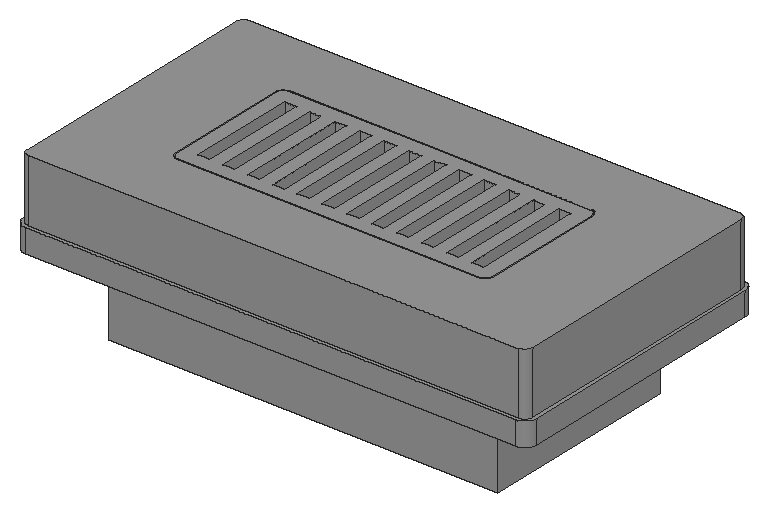
Revit family "ZUMBADOR", category Electrical Fixtures, Revit 2023
Family settings
  Round Connector Dimension = Use Diameter
  Part Type = Normal
  Work Plane-Based = Yes
  Always vertical = No
  Cut with Voids When Loaded = No
  Maintain Annotation Orientation = Yes
  Shared = Yes
  Room Calculation Point = No
Parameters
  SEP RANURAS = 1.6 mm
  SEP BORDE = 2 mm
  RADIO_3 = 1.5 mm
  RADIO_2 = 1.1 mm
  RADIO_1 = 1 mm
  PROFUNDIDAD RANURA = 2 mm
  OFFSET = 0.1 mm
  MATERIAL_2 [instance] = TERMOPOLIMERO NEGRO
  MATERIAL_1 [instance] = TERMOPOLIMERO BLANCO
  LONGITUD = 65 mm
  LARGO ZUMBADOR = 40.8 mm
  LARGO CONECTOR = 50 mm
  LARGO BASE = 66 mm
  INCLUIR EN LISTADO = no
  ESPESOR CONECTOR = 10 mm
  ESPESOR BASE = 3 mm
  ESPESOR = 8 mm
  Default Elevation = 1219.2 mm
  ANCHO ZUMBADOR = 18 mm
  ANCHO RANURA = 1.6 mm
  ANCHO CONECTOR = 26 mm
  ANCHO BASE = 36.5 mm
  ANCHO = 35.5 mm
Reference planes
  plane 1 "Center (Front/Back)": y = 0
  plane 2: z = 0
  plane 3 "Center (Left/Right)": x = 0
  plane 4: x = -32.5
  plane 5: x = 32.5
  plane 6: y = -17.75
  plane 7: y = 17.75
  plane 8: x = -33
  plane 9: x = 33
  plane 10: y = 18.25
  plane 11: y = -18.25
  plane 12: y = 13
  plane 13: y = -13
  plane 14 "PLANO 1": z = -3
  plane 15: x = -25
  plane 16: x = 25
  plane 17 "PLANO 3": z = -13
  plane 18 "PLANO 4": z = 8
  plane 19: y = 7
  plane 20: y = -7
  plane 21: x = -18.4
  plane 22: x = -16.8
  plane 23: z = 6
  plane 24: y = 9
  plane 25: y = -9
  plane 26: x = 20.4
  plane 27: x = -20.4
  plane 28: x = 18.4
Forms (mm)
  Extrusion 1, solid, material "TERMOPOLIMERO BLANCO" <- "MATERIAL_1"
    sketch origin (0, 0, 0) x (1, 0, 0) y (0, 1, 0)
      loop
        arc (-31.5, 18.25) -> (-32.561, 17.811) -> (-33, 16.75) r 1.5
        line (-33, 16.75) -> (-33, -16.75)
        arc (-33, -16.75) -> (-32.561, -17.811) -> (-31.5, -18.25) r 1.5
        line (-31.5, -18.25) -> (31.5, -18.25)
        arc (31.5, -18.25) -> (32.561, -17.811) -> (33, -16.75) r 1.5
        line (33, -16.75) -> (33, 16.75)
        arc (33, 16.75) -> (32.561, 17.811) -> (31.5, 18.25) r 1.5
        line (31.5, 18.25) -> (-31.5, 18.25)
    from 0 to -3
  Extrusion 2, solid, material "TERMOPOLIMERO BLANCO" <- "MATERIAL_1"
    sketch origin (0, 0, 0) x (1, 0, 0) y (0, 1, 0)
      loop
        arc (-31.5, 17.75) -> (-32.207, 17.457) -> (-32.5, 16.75) r 1
        line (-32.5, 16.75) -> (-32.5, -16.75)
        arc (-32.5, -16.75) -> (-32.207, -17.457) -> (-31.5, -17.75) r 1
        line (-31.5, -17.75) -> (31.5, -17.75)
        arc (31.5, -17.75) -> (32.207, -17.457) -> (32.5, -16.75) r 1
        line (32.5, -16.75) -> (32.5, 16.75)
        arc (32.5, 16.75) -> (32.207, 17.457) -> (31.5, 17.75) r 1
        line (31.5, 17.75) -> (-31.5, 17.75)
      loop
        arc (-19.4, 9) -> (-20.107, 8.707) -> (-20.4, 8) r 1
        line (-20.4, 8) -> (-20.4, -8)
        arc (-20.4, -8) -> (-20.107, -8.707) -> (-19.4, -9) r 1
        line (-19.4, -9) -> (19.4, -9)
        arc (19.4, -9) -> (20.107, -8.707) -> (20.4, -8) r 1
        line (20.4, -8) -> (20.4, 8)
        arc (20.4, 8) -> (20.107, 8.707) -> (19.4, 9) r 1
        line (19.4, 9) -> (-19.4, 9)
    from 0 to 8
  Extrusion 3, solid, material "TERMOPOLIMERO BLANCO" <- "MATERIAL_1"
    sketch origin (0, 0, -3) x (-1, 0, 0) y (0, -1, 0)
      loop
        line (25, -13) -> (25, 13) -> (-25, 13) -> (-25, -13) -> (25, -13)
    from 0 to -10
  Extrusion 4, void
    sketch origin (0, 0, 8) x (-1, 0, 0) y (0, -1, 0)
      loop
        line (18.4, -7) -> (18.4, 7) -> (16.8, 7) -> (16.8, -7) -> (18.4, -7)
      loop
        line (-16.8, -7) -> (-16.8, 7) -> (-18.4, 7) -> (-18.4, -7) -> (-16.8, -7)
      loop
        line (15.2, -7) -> (15.2, 7) -> (13.6, 7) -> (13.6, -7) -> (15.2, -7)
      loop
        line (12, -7) -> (12, 7) -> (10.4, 7) -> (10.4, -7) -> (12, -7)
      loop
        line (8.8, -7) -> (8.8, 7) -> (7.2, 7) -> (7.2, -7) -> (8.8, -7)
      loop
        line (5.6, -7) -> (5.6, 7) -> (4, 7) -> (4, -7) -> (5.6, -7)
      loop
        line (2.4, -7) -> (2.4, 7) -> (0.8, 7) -> (0.8, -7) -> (2.4, -7)
      loop
        line (-15.2, 7) -> (-15.2, -7) -> (-13.6, -7) -> (-13.6, 7) -> (-15.2, 7)
      loop
        line (-12, 7) -> (-12, -7) -> (-10.4, -7) -> (-10.4, 7) -> (-12, 7)
      loop
        line (-8.8, 7) -> (-8.8, -7) -> (-7.2, -7) -> (-7.2, 7) -> (-8.8, 7)
      loop
        line (-5.6, 7) -> (-5.6, -7) -> (-4, -7) -> (-4, 7) -> (-5.6, 7)
      loop
        line (-2.4, 7) -> (-2.4, -7) -> (-0.8, -7) -> (-0.8, 7) -> (-2.4, 7)
    from -2 to 0
  Extrusion 5, solid, material "TERMOPOLIMERO BLANCO" <- "MATERIAL_1"
    sketch origin (0, 0, 8) x (-1, 0, 0) y (0, -1, 0)
      loop
        arc (19.2, -8.9) -> (19.978, -8.578) -> (20.3, -7.8) r 1.1
        line (20.3, -7.8) -> (20.3, 7.8)
        arc (20.3, 7.8) -> (19.978, 8.578) -> (19.2, 8.9) r 1.1
        line (19.2, 8.9) -> (-19.2, 8.9)
        arc (-19.2, 8.9) -> (-19.978, 8.578) -> (-20.3, 7.8) r 1.1
        line (-20.3, 7.8) -> (-20.3, -7.8)
        arc (-20.3, -7.8) -> (-19.978, -8.578) -> (-19.2, -8.9) r 1.1
        line (-19.2, -8.9) -> (19.2, -8.9)
    from -8 to 0
Cuts and joins
  Extrusion 4 cuts Extrusion 5
Dimensions and locks
  equal spacing: plane 4, plane 3 "Center (Left/Right)", plane 5
  equal spacing: plane 7, plane 1 "Center (Front/Back)", plane 6
  "ANCHO": plane 7 to plane 6
  "LONGITUD": plane 4 to plane 5
  equal spacing: plane 10, plane 1 "Center (Front/Back)", plane 11
  equal spacing: plane 8, plane 3 "Center (Left/Right)", plane 9
  equal spacing: plane 12, plane 1 "Center (Front/Back)", plane 13
  "LARGO BASE": plane 8 to plane 9
  "ANCHO BASE": plane 10 to plane 11
  "ESPESOR BASE": plane 2 to plane 14 "PLANO 1"
  equal spacing: plane 15, plane 3 "Center (Left/Right)", plane 16
  "ANCHO CONECTOR": plane 12 to plane 13
  "LARGO CONECTOR": plane 15 to plane 16
  "ESPESOR CONECTOR": plane 14 "PLANO 1" to plane 17 "PLANO 3"
  "ESPESOR": plane 18 "PLANO 4" to plane 2
  equal spacing: plane 19, plane 1 "Center (Front/Back)", plane 20
  "PROFUNDIDAD RANURA": plane 18 "PLANO 4" to plane 23
  equal spacing: plane 27, plane 3 "Center (Left/Right)", plane 26
  "LARGO ZUMBADOR": plane 27 to plane 26
  equal spacing: plane 24, plane 1 "Center (Front/Back)", plane 25
  "ANCHO ZUMBADOR": plane 24 to plane 25
  "SEP BORDE": plane 27 to plane 21
  "ANCHO RANURA": plane 21 to plane 22
  "SEP BORDE": plane 24 to plane 19
  equal spacing: plane 21, plane 3 "Center (Left/Right)", plane 28
  "ANCHO RANURA": Extrusion 4 sketch curve to Extrusion 4 sketch curve  (x10)
  "SEP RANURAS": Extrusion 4 sketch curve to Extrusion 4 sketch curve  (x11)
  "OFFSET": plane 27 to Extrusion 5 sketch curve
  "OFFSET": Extrusion 5 sketch curve to Extrusion 2  (x3)
  "RADIO_1": radius of Extrusion 2 sketch curve  (x8)
  "RADIO_2": radius of Extrusion 5 sketch curve  (x4)
  "RADIO_3": radius of Extrusion 1 sketch curve  (x4)
  aligned and locked: level to plane 2
  aligned and locked: Extrusion 1 sketch curve to plane 10
  aligned and locked: plane 8 to Extrusion 1 sketch curve
  aligned and locked: Extrusion 1 sketch curve to plane 11
  aligned and locked: Extrusion 1 sketch curve to plane 9
  aligned and locked: plane 2 to Extrusion 1
  aligned and locked: Extrusion 2 sketch curve to plane 7
  aligned and locked: plane 6 to Extrusion 2 sketch curve
  aligned and locked: Extrusion 2 sketch curve to plane 5
  aligned and locked: Extrusion 1 to plane 14 "PLANO 1"
  aligned and locked: Extrusion 3 to plane 17 "PLANO 3"
  aligned and locked: plane 14 "PLANO 1" to Extrusion 3
  aligned and locked: plane 18 "PLANO 4" to Extrusion 2
  aligned and locked: Extrusion 2 to plane 2
  aligned and locked: Extrusion 4 sketch curve to plane 19  (x12)
  aligned and locked: plane 20 to Extrusion 4 sketch curve  (x7)
  aligned and locked: Extrusion 4 sketch curve to plane 21
  aligned and locked: plane 22 to Extrusion 4 sketch curve
  aligned and locked: plane 24 to Extrusion 2
  aligned and locked: plane 27 to Extrusion 2
  aligned and locked: plane 25 to Extrusion 2
  aligned and locked: plane 26 to Extrusion 2
  aligned and locked: Extrusion 4 sketch curve to plane 28
  aligned and locked: Extrusion 4 sketch curve to plane 20  (x5)
  aligned and locked: Extrusion 5 to plane 2
  aligned and locked: plane 18 "PLANO 4" to Extrusion 5
  aligned and locked: Extrusion 3 sketch curve to plane 12
  aligned and locked: plane 15 to Extrusion 3 sketch curve
  aligned and locked: plane 13 to Extrusion 3 sketch curve
  aligned and locked: Extrusion 3 sketch curve to plane 16
Automatic sketch dimensions
  Extrusion 1 sketch curve to plane 7 = 1 mm
  Extrusion 2 sketch curve to plane 4 = 0 mm
  Extrusion 2 sketch curve to plane 27 = 0 mm
  Extrusion 2 sketch curve to plane 24 = 0 mm
  Extrusion 2 sketch curve to plane 25 = 0 mm
  Extrusion 2 sketch curve to plane 26 = 0 mm
Connectors
  electrical at (0, 0, 8)
    settings: on Extrusion 2, index 1, voltage 125 V, apparent load 0 VA, apparent load phase1 0 VA, apparent load phase2 0 VA, apparent load phase3 0 VA, power factor 1, load classification "Signaling", number of poles 1, system type 12, power factor state 1, is connector primary yes, connector utility no, sub classification motor no, connector description ""
